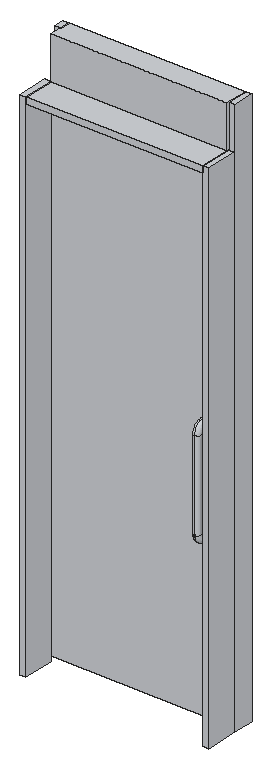
Revit family "Dor_ハンガードア_戸袋ボード納まり", category ドア, Revit 2020
Family settings
  ホスト = 壁
  常に垂直 = はい
  ロード時にボイドで切り取り = はい
  共有 = いいえ
  部屋計算ポイント = いいえ
Parameters (values of type "ハンガードア_戸袋ボード納まり")
  開口逃げ位置表示 [instance] = no
  金物_施錠方式(外) = ""
  金物_施錠方式(内) = ""
  金物_支持金物 = ""
  金物_操作金物 = ""
  金物_戸当り = ""
  金物_固定金物 = ""
  金物_フランス落し = ""
  金物_クローザー = ""
  逃げ_左 = 60 mm
  逃げ_右 = 60 mm
  解析用性能 = "<なし>"
  符号_建具記号 = ""
  符号_建具番号 = ""
  法_随時閉鎖 = yes
  法_防火性能 = ""
  法_遮煙 = no
  法_常時閉鎖 = yes
  枠見付上_外側 = 200 mm
  枠見付上_内側 = 25 mm
  有効W = 600 mm
  文字_ガラス厚 = ""
  引き残し = 120 mm
  マテリアル_ハンドル = none
  ボード厚 [instance] = 25 mm
  ドアパネルタイプ = DP_フラッシュ : フラッシュ
  スリット/小窓位置：戸先 [instance] = yes
  クリアランス_戸尻枠 = 30 mm
  クリアランス_壁パネル間 = 10 mm
  開口W = 有効W + 引き残し  # 720 mm
  ガラス厚 = 6 mm
  calc_沓摺幅 = パネル幅1 + calc_戸尻位置 + クリアランス_戸尻枠  # 1380 mm
  次による断熱プロパティの定義 = スキーマティック タイプ
  文字_額縁材質 = ""
  文字_額縁仕上 = ""
  文字_沓摺材質 = ""
  文字_沓摺仕上 = ""
  文字_枠材質 = ""
  文字_枠仕上 = ""
  文字_建具材質 = ""
  文字_建具仕上 = ""
  文字_取付場所 = ""
  文字_備考 = ""
  文字_パネル厚 = ""
  文字_ガラリ材質 = ""
  文字_ガラリ仕上 = ""
  文字_ガラス材質 = ""
  文字_アンダーカット = ""
  性能_遮音 = ""
  性能_気密 = ""
  形状_沓摺形状 = ""
  形状_枠形状 = ""
  形状_建具形式 = ""
  形状_ガラリ形状 = ""
  calc_戸袋見込 = パネル厚 + 14 mm + LOCK  # 50 mm
  calc_戸尻位置 = パネル幅1 - 引き残し  # 615 mm
  calc_壁芯ずれ [instance] = オフセット_内側 / 2 + LOCK  # 25 mm
  ラベル_遮煙 = if(法_遮煙, "S", " ")  # " "
  ラベル_法囲み = if(法_常時閉鎖, "□", if(法_随時閉鎖, "〇", " "))  # "□"
  マテリアル_沓摺 = none
  マテリアル_枠 = none
  マテリアル_パネル = none
  マテリアル_ガラリ = none
  マテリアル_ガラス = ガラス - 透明
  パネル幅2 = 0 mm  # constant formula
  パネル幅1 = 有効W + 引き残し + 15 mm  # 735 mm
  引棒表示 [instance] = yes
  Keynote = ""
  オフセット_内側 [instance] = 50 mm
  calc_全幅 = W寸法 + クリアランス_戸尻枠  # 1390 mm
  calc_パネル中心_幅 = (パネル幅1 - 開口W) / 2  # 7.5 mm
  calc_パネル中心_厚 [instance] = ボード厚 + LGS厚 / 2 + 枠ちり外 + LOCK  # 67.5 mm
  W寸法 = 有効W * 2 + 引き残し + 40 mm  # 1360 mm
  LOCK = 0 mm  # constant formula
  Function = (empty or 0)
  Description = ""
  Rough Width = 0 mm
  高さ = H寸法 + LOCK  # 2100 mm
  枠見付 = 25 mm
  枠ちり外 = 10 mm
  枠ちり内 = 10 mm
  引手_高さ = 900 mm
  引手_オフセット = 80 mm
  戸当見込 = 50 mm
  戸当見付 = 15 mm
  Construction Type = ""
  Wall Closure = (empty or 0)
  幅 = W寸法 + LOCK  # 1360 mm
  Rough Height = 0 mm
  パネル高 = 高さ - アンダーカット  # 2085 mm
  パネル幅 = パネル幅1 + LOCK  # 735 mm
  パネル厚 = 36 mm
  アンダーカット = 15 mm
  LGS厚 [instance] = 65 mm
  H寸法 = 2100 mm
Reference planes
  plane 1: y = 0.417
  plane 2 "中心(左/右)": x = 40
  plane 3 "EXT.": y = 75.417
  plane 4 "内壁": y = -74.583
  plane 5 "左": x = -320
  plane 6 "右": x = 400
  plane 7 "上側": z = 2100
  plane 8: z = 0
  plane 9 "枠ちり外": y = 85.417
  plane 10 "枠外側左": x = -345
  plane 11 "枠外側右": x = 425
  plane 12 "枠見付_上": z = 2300
  plane 13: z = 15
  plane 14 "オフセット": y = -124.583
  plane 15 "枠ちり内": y = -134.583
  plane 16: y = 65.417
  plane 17: x = -350
  plane 18: x = 430
  plane 19: y = 65.417
  plane 20: y = -114.583
  plane 21: y = -129.583
  plane 22 "パネル中心": y = 17.917
  plane 23: z = 900
  plane 24 "ボード厚": y = 50.417
  plane 25: x = -960
  plane 26: x = -990
  plane 27: x = -1015
  plane 28: z = 2125
  plane 29 "パネル幅中心": x = 32.5
  plane 30 "引手位置": x = 320
  plane 31 "沓摺中心": x = -295
  plane 32: y = 65
  plane 33: z = 1050
  plane 34 "LGS厚": y = -14.583
  plane 35 "戸袋内側": y = -7.083
  plane 36 "戸袋外側": y = 42.917
  plane 37: y = 35.917
  plane 38: y = -0.083
  plane 39: z = 2127
  plane 40: z = 2303
  plane 41: y = -0.083
  plane 42: y = 35.917
  plane 43 "壁芯": y = -59.583
  plane 44: y = -27.083
  plane 45: y = -27.083
  plane 46 "引残し": x = -200
Forms (mm)
  Extrusion 1, void
    sketch origin (0, 0, 0) x (1, 0, 0) y (0, 1, 0)
      loop
        line (-345, -124.583) -> (425, -124.583) -> (425, 50.417) -> (-345, 50.417) -> (-345, -124.583)
    from 0 to 2125
  Extrusion 2, void
    sketch origin (0, 0, 0) x (1, 0, 0) y (0, 1, 0)
      loop
        line (-345, 75.417) -> (-345, 42.917) -> (425, 42.917) -> (425, 75.417) -> (-345, 75.417)
    from 0 to 2300
  Extrusion 3, solid, material <- "マテリアル_枠"
    sketch origin (0, 0, 0) x (1, 0, 0) y (0, 1, 0)
      loop
        line (-320, 85.417) -> (-320, -7.083) -> (400, -7.083) -> (400, 85.417) -> (-320, 85.417)
    from 2100 to 2300
  Extrusion 4, solid, material <- "マテリアル_枠"
    sketch origin (0, 0, 0) x (1, 0, 0) y (0, 1, 0)
      loop
        line (-320, -134.583) -> (400, -134.583) -> (400, 42.917) -> (-320, 42.917) -> (-320, -134.583)
    from 2100 to 2125
  Extrusion 5, solid, material <- "マテリアル_枠"
    sketch origin (0, 0, 0) x (1, 0, 0) y (0, 1, 0)
      loop
        line (-345, -134.583) -> (-320, -134.583) -> (-320, -7.083) -> (-345, -7.083) -> (-345, -134.583)
      loop
        line (400, -134.583) -> (425, -134.583) -> (425, -0.083) -> (400, -0.083) -> (400, -134.583)
    from 0 to 2125
  Extrusion 6, solid, material <- "マテリアル_枠"
    sketch origin (0, 0, 0) x (1, 0, 0) y (0, 1, 0)
      loop
        line (-345, 42.917) -> (-320, 42.917) -> (-320, 85.417) -> (-345, 85.417) -> (-345, 42.917)
      loop
        line (400, -0.083) -> (425, -0.083) -> (425, 85.417) -> (400, 85.417) -> (400, -0.083)
    from 0 to 2300
  Extrusion 7, void
    sketch origin (0, 0, 0) x (1, 0, 0) y (0, 1, 0)
      loop
        line (-1015, -14.583) -> (-345, -14.583) -> (-345, 50.417) -> (-1015, 50.417) -> (-1015, -14.583)
    from 0 to 2300
Cuts and joins
  Extrusion 7 cuts Extrusion 5
  Extrusion 7 cuts Extrusion 6
Lines and regions (mm)
  Masking region 1
    outline origin (40, 0, 0) x (0, 1, 0) y (0, 0, 1)
      loop
        line (35.917, 2100) -> (-0.083, 2100) -> (-0.083, 15) -> (35.917, 15) -> (35.917, 2100)
  Masking region 2
    outline origin (40, 0, 0) x (0, 1, 0) y (0, 0, 1)
      loop
        line (-27.083, 2127) -> (-114.583, 2127) -> (-114.583, 2125) -> (-134.583, 2125) -> (-134.583, 2100) -> (-27.083, 2100) -> (-27.083, 2127)
  Masking region 3, detail levels medium+fine
    outline origin (0, 0, 0) x (1, 0, 0) y (0, 1, 0)
      loop
        line (-345, -7.083) -> (-345, -134.583) -> (-320, -134.583) -> (-320, -7.083) -> (-345, -7.083)
      loop
        line (425, -134.583) -> (425, 85.417) -> (400, 85.417) -> (400, -134.583) -> (425, -134.583)
      loop
        line (-1015, -14.583) -> (-990, -14.583) -> (-990, 50.417) -> (-1015, 50.417) -> (-1015, -14.583)
      loop
        line (-345, 85.417) -> (-345, 42.917) -> (-320, 42.917) -> (-320, 85.417) -> (-345, 85.417)
  Masking region 4, detail levels coarse
    outline origin (0, 0, 0) x (1, 0, 0) y (0, 1, 0)
      loop
        line (-350, -14.583) -> (-350, -124.583) -> (-320, -124.583) -> (-320, -14.583) -> (-350, -14.583)
      loop
        line (430, 75.417) -> (400, 75.417) -> (400, -124.583) -> (430, -124.583) -> (430, 75.417)
      loop
        line (-350, 50.417) -> (-320, 50.417) -> (-320, 75.417) -> (-350, 75.417) -> (-350, 50.417)
      loop
        line (-990, 50.417) -> (-990, 55.417) -> (-1020, 55.417) -> (-1020, -19.583) -> (-990, -19.583) -> (-990, -14.583) -> (-990, 50.417)
  Masking region 5, detail levels coarse
    outline origin (0, 0, 0) x (1, 0, 0) y (0, 1, 0)
      loop
        line (-990, -14.583) -> (-345, -14.583) -> (-320, -14.583) -> (-320, 50.417) -> (-345, 50.417) -> (-990, 50.417) -> (-990, -14.583)
  Masking region 6
    outline origin (40, 0, 0) x (0, 1, 0) y (0, 0, 1)
      loop
        line (-27.083, 2100) -> (85.417, 2100) -> (85.417, 2300) -> (-27.083, 2300) -> (-27.083, 2100)
  symbolic lines
    curve 1: line (40, 135.417, 0) -> (40, -184.583, 0)
Text (mm)
  text "EXT." at (-2295.016, 1099.543, 0), in view "基準レベル"
  text "外部" at (0, 1615.38, 3698.081), in view "左"
  text "外部" at (0, 1036.032, 3874.932), in view "右"
  text "内部" at (0, -1175.082, 3874.932), in view "右"
  text "内部" at (-2295.016, -1087.353, 0), in view "基準レベル"
Dimensions and locks
  equal spacing: plane 5 "左", plane 2 "中心(左/右)", plane 6 "右"
  locked: plane 3 "EXT." to host wall
  locked: plane 4 "内壁" to host wall
  "開口W": plane 5 "左" to plane 6 "右"
  "H寸法": plane 8 to plane 7 "上側"
  "枠ちり外": plane 3 "EXT." to plane 9 "枠ちり外"
  "枠ちり内": plane 14 "オフセット" to plane 15 "枠ちり内"
  "アンダーカット": plane 13 to plane 8
  locked: plane 3 "EXT." to plane 16 at 10
  locked: curve 1 to plane 9 "枠ちり外" at 50
  locked: plane 15 "枠ちり内" to curve 1 at 50
  plane 4 "内壁" to plane 3 "EXT." = 150 mm
  locked: plane 17 to plane 10 "枠外側左" at 5
  locked: plane 11 "枠外側右" to plane 18 at 5
  locked: plane 19 to plane 3 "EXT." at 10
  locked: plane 20 to plane 14 "オフセット" at 10
  locked: plane 14 "オフセット" to plane 21 at 5
  "calc_パネル中心_厚": plane 9 "枠ちり外" to plane 22 "パネル中心"
  "引手_高さ": plane 23 to level
  "枠見付": plane 6 "右" to plane 11 "枠外側右"
  "枠見付": plane 10 "枠外側左" to plane 5 "左"
  plane 7 "上側" to plane 12 "枠見付_上" = 200 mm
  "クリアランス_戸尻枠": plane 26 to plane 25
  "枠見付": plane 27 to plane 26
  "枠見付上_外側": plane 12 "枠見付_上" to plane 7 "上側"
  "枠見付上_内側": plane 28 to plane 7 "上側"
  "calc_パネル中心_幅": plane 29 "パネル幅中心" to plane 2 "中心(左/右)"
  equal spacing: plane 26, plane 31 "沓摺中心", plane 6 "右"
  "引手_オフセット": plane 30 "引手位置" to plane 6 "右"
  plane 32 to plane 3 "EXT." = 10.417 mm
  equal spacing: plane 8, plane 33, plane 7 "上側"
  "ボード厚": plane 24 "ボード厚" to plane 3 "EXT."
  "LGS厚": plane 24 "ボード厚" to plane 34 "LGS厚"
  equal spacing: plane 36 "戸袋外側", plane 22 "パネル中心", plane 35 "戸袋内側"
  equal spacing: plane 37, plane 22 "パネル中心", plane 38
  "パネル厚": plane 37 to plane 38
  plane 28 to plane 39 = 2 mm
  "オフセット_内側": plane 4 "内壁" to plane 14 "オフセット"
  equal spacing: plane 42, plane 22 "パネル中心", plane 41
  "パネル厚": plane 42 to plane 41
  locked: plane 34 "LGS厚" to plane 43 "壁芯" at 45
  locked: Masking region 4 sketch curve to plane 27 at 5
  locked: Masking region 4 sketch curve to plane 24 "ボード厚" at 5
  locked: plane 34 "LGS厚" to Masking region 4 sketch curve at 5
  plane 34 "LGS厚" to plane 44 = 12.5 mm
  locked: plane 34 "LGS厚" to plane 45 at 12.5
  "W寸法": plane 25 to plane 6 "右"
  "calc_戸袋見込": plane 35 "戸袋内側" to plane 36 "戸袋外側"
  "引き残し": plane 5 "左" to plane 46 "引残し"
  aligned and locked: plane 1 to host wall
  aligned and locked: level to plane 8
  aligned and locked: Extrusion 2 sketch curve to host wall
  aligned and locked: plane 10 "枠外側左" to Extrusion 2 sketch curve
  aligned and locked: plane 11 "枠外側右" to Extrusion 2 sketch curve
  aligned and locked: plane 12 "枠見付_上" to Extrusion 2
  aligned and locked: Extrusion 1 to plane 14 "オフセット"
  aligned and locked: Masking region 2 sketch curve to plane 15 "枠ちり内"
  aligned and locked: Masking region 4 sketch curve to plane 17  (x2)
  aligned and locked: plane 6 "右" to Masking region 4 sketch curve
  aligned and locked: Masking region 4 sketch curve to plane 18
  aligned and locked: plane 14 "オフセット" to Masking region 4 sketch curve
  aligned and locked: Masking region 4 sketch curve to plane 14 "オフセット"
  aligned and locked: plane 6 "右" to Masking region 3 sketch curve
  aligned and locked: plane 9 "枠ちり外" to Masking region 3 sketch curve
  aligned and locked: plane 5 "左" to Masking region 3 sketch curve  (x2)
  aligned and locked: Extrusion 3 sketch curve to plane 6 "右"
  aligned and locked: Extrusion 4 sketch curve to plane 15 "枠ちり内"
  aligned and locked: plane 5 "左" to Extrusion 4 sketch curve
  aligned and locked: Extrusion 4 sketch curve to plane 6 "右"
  aligned and locked: plane 12 "枠見付_上" to Extrusion 3
  aligned and locked: plane 7 "上側" to Extrusion 3
  aligned and locked: Extrusion 1 to plane 28
  aligned and locked: plane 24 "ボード厚" to Extrusion 1 sketch curve
  aligned and locked: Extrusion 5 sketch curve to plane 15 "枠ちり内"  (x2)
  aligned and locked: Extrusion 5 sketch curve to plane 5 "左"
  aligned and locked: Extrusion 5 sketch curve to plane 10 "枠外側左"
  aligned and locked: plane 6 "右" to Extrusion 5 sketch curve
  aligned and locked: Extrusion 5 sketch curve to plane 11 "枠外側右"
  aligned and locked: Extrusion 5 to plane 28
  aligned and locked: Extrusion 4 to plane 28
  aligned and locked: plane 7 "上側" to Extrusion 4
  aligned and locked: plane 29 "パネル幅中心" to nested 1
  aligned and locked: plane 2 "中心(左/右)" to nested 3
  aligned and locked: plane 33 to nested 3
  aligned and locked: nested 2 to plane 22 "パネル中心"
  aligned and locked: plane 35 "戸袋内側" to Masking region 3 sketch curve
  aligned and locked: Extrusion 5 sketch curve to plane 35 "戸袋内側"
  aligned and locked: Masking region 4 sketch curve to plane 3 "EXT."
  aligned and locked: Masking region 4 sketch curve to plane 5 "左"
  aligned and locked: nested 1 to plane 22 "パネル中心"
  aligned and locked: Masking region 3 sketch curve to plane 27
  aligned and locked: plane 26 to Masking region 3 sketch curve
  aligned and locked: plane 24 "ボード厚" to Masking region 3 sketch curve
  aligned and locked: Masking region 3 sketch curve to plane 34 "LGS厚"
  aligned and locked: plane 10 "枠外側左" to Masking region 3 sketch curve
  aligned and locked: Masking region 3 sketch curve to plane 36 "戸袋外側"
  aligned and locked: Masking region 3 sketch curve to plane 9 "枠ちり外"
  aligned and locked: plane 24 "ボード厚" to Masking region 5 sketch curve  (x2)
  aligned and locked: Masking region 5 sketch curve to plane 34 "LGS厚"  (x2)
  aligned and locked: Masking region 5 sketch curve to plane 26
  aligned and locked: Masking region 5 sketch curve to plane 5 "左"
  aligned and locked: plane 10 "枠外側左" to Masking region 5 sketch curve  (x2)
  aligned and locked: Masking region 4 sketch curve to plane 34 "LGS厚"
  aligned and locked: Masking region 4 sketch curve to plane 24 "ボード厚"
  aligned and locked: Extrusion 3 sketch curve to plane 9 "枠ちり外"
  aligned and locked: Extrusion 3 sketch curve to plane 5 "左"
  aligned and locked: Extrusion 2 sketch curve to plane 36 "戸袋外側"
  aligned and locked: plane 7 "上側" to Masking region 2 sketch curve  (x2)
  aligned and locked: Masking region 2 sketch curve to plane 28
  aligned and locked: Extrusion 4 sketch curve to plane 36 "戸袋外側"
  aligned and locked: plane 7 "上側" to Masking region 1 sketch curve
  aligned and locked: Masking region 1 to nested 2
  aligned and locked: Masking region 1 sketch curve to plane 38
  aligned and locked: Masking region 1 sketch curve to plane 37
  aligned and locked: plane 39 to Masking region 2 sketch curve  (x2)
  aligned and locked: Masking region 2 sketch curve to plane 20
  aligned and locked: plane 20 to Masking region 2 sketch curve
  aligned and locked: plane 9 "枠ちり外" to Extrusion 6 sketch curve  (x2)
  aligned and locked: plane 6 "右" to Extrusion 6 sketch curve
  aligned and locked: Extrusion 6 sketch curve to plane 11 "枠外側右"
  aligned and locked: Extrusion 6 sketch curve to plane 5 "左"
  aligned and locked: Extrusion 6 sketch curve to plane 10 "枠外側左"
  aligned and locked: plane 36 "戸袋外側" to Extrusion 6 sketch curve
  aligned and locked: plane 12 "枠見付_上" to Extrusion 6
  aligned and locked: Extrusion 3 sketch curve to plane 35 "戸袋内側"
  aligned and locked: Extrusion 6 sketch curve to plane 41
  aligned and locked: plane 41 to Extrusion 5 sketch curve
  aligned and locked: Extrusion 7 sketch curve to plane 27
  aligned and locked: Extrusion 7 sketch curve to plane 34 "LGS厚"
  aligned and locked: plane 24 "ボード厚" to Extrusion 7 sketch curve
  aligned and locked: plane 10 "枠外側左" to Extrusion 7 sketch curve
  aligned and locked: Extrusion 7 to plane 12 "枠見付_上"
  aligned and locked: curve 1 to plane 2 "中心(左/右)"
  aligned and locked: Masking region 4 sketch curve to plane 26
  aligned and locked: plane 31 "沓摺中心" to nested 4
  aligned and locked: nested 4 to plane 22 "パネル中心"
  aligned and locked: plane 30 "引手位置" to nested 5
  aligned and locked: nested 5 to plane 22 "パネル中心"
  aligned and locked: plane 44 to Masking region 2 sketch curve
  aligned and locked: plane 9 "枠ちり外" to Masking region 6 sketch curve
  aligned and locked: plane 12 "枠見付_上" to Masking region 6 sketch curve
  aligned and locked: Masking region 6 sketch curve to plane 45
  aligned and locked: plane 29 "パネル幅中心" to nested 2
Automatic sketch dimensions
  Extrusion 1 sketch curve to plane 10 "枠外側左" = 0 mm
  Extrusion 1 sketch curve to plane 11 "枠外側右" = 0 mm
  Extrusion 1 sketch curve to plane 14 "オフセット" = 0 mm
  Masking region 1 sketch curve to plane 13 = 0 mm
  Masking region 3 sketch curve to plane 10 "枠外側左" = 0 mm
  Masking region 3 sketch curve to plane 11 "枠外側右" = 0 mm
  Masking region 3 sketch curve to plane 15 "枠ちり内" = 0 mm  (x2)
  Masking region 4 sketch curve to plane 5 "左" = 0 mm
  Masking region 4 sketch curve to plane 34 "LGS厚" = 0 mm
  Masking region 4 sketch curve to plane 24 "ボード厚" = 0 mm
  Masking region 4 sketch curve to host wall = 0 mm
  plane 7 "上側" to Masking region 6 sketch curve = 0 mm
Nested families
  nested 1: "平面_引き戸" at (32.5, 17.917, 0), type "平面_引き戸"
    with 幅 735 mm, パネル幅 735 mm, パネル厚 36 mm
  nested 2: "DP_フラッシュ" at (32.5, 17.917, 0), マテリアル_パネル <- "マテリアル_パネル", 幅 <- "パネル幅1", 高さ <- "パネル高", Thickness <- "パネル厚", type <- "ドアパネルタイプ", アンダーカット <- "アンダーカット", マテリアル_ガラス <- "マテリアル_ガラス", マテリアル_ガラリ <- "マテリアル_ガラリ", スリット/小窓位置：戸先 <- "スリット/小窓位置：戸先", ガラス厚 <- "ガラス厚", type "フラッシュ"
    with 高さ 2085 mm, 幅 735 mm, built-in parameter 1001302 36 mm, マテリアル_パネル none, マテリアル_ガラリ none, マテリアル_ガラス ガラス - 透明, スリット/小窓位置：戸先 yes, ガラス厚 6 mm, アンダーカット 15 mm
  nested 3: "立面_スイング_引き戸" at (40, 75.417, 1050) x (1, 0, 0) z (0, -1, 0), type "立面_スイング_引き戸"
    with 幅 250 mm
  nested 4: "平面_逃げ位置" at (-295, 17.917, 0), 幅 <- "calc_全幅", 逃げ_右 <- "逃げ_右", 逃げ_左 <- "逃げ_左", visible <- "開口逃げ位置表示", type "平面_逃げ位置"
    with 逃げ_左 60 mm, 逃げ_右 60 mm, 幅 1390 mm
  nested 5: "Ha_引棒" at (320, 17.917, 900), built-in parameter 1001364 <- "引手_高さ", type "Ha_引棒"
Definition of nested family "DP_フラッシュ"
  Parameters (values of type "フラッシュ")
    Height [instance] = 1995 mm
    Analytic Construction = "<なし>"
    Define Thermal Properties by = 1
    マテリアル_パネル [instance] = none
    Thickness [instance] = 40 mm
    Width [instance] = 800 mm
    マテリアル_ガラリ [instance] = none
    マテリアル_ガラス [instance] = none
    スリット/小窓位置：戸先 [instance] = yes
    ガラス厚 [instance] = 0 mm
    アンダーカット [instance] = 5 mm
  Reference planes
    plane 1 "中心(正面/背面)": y = 0
    plane 2 "下": z = 0
    plane 3 "中心(左/右)": x = 0
    plane 4 "右": x = 400
    plane 5 "左": x = -400
    plane 6 "前面": y = 20
    plane 7 "背面": y = -20
    plane 8 "上": z = 2000
    plane 9: z = 5
  Forms (mm)
    Extrusion 1, solid, material <- "マテリアル_パネル"
      sketch origin (0, 0, 0) x (1, 0, 0) y (0, 0, 1)
        loop
          line (-400, 2000) -> (-400, 5) -> (400, 5) -> (400, 2000) -> (-400, 2000)
      from -20 to 20
  Dimensions and locks
    equal spacing: plane 5 "左", plane 3 "中心(左/右)", plane 4 "右"
    "Width": plane 5 "左" to plane 4 "右"
    equal spacing: plane 6 "前面", plane 1 "中心(正面/背面)", plane 7 "背面"
    "Thickness": plane 6 "前面" to plane 7 "背面"
    "アンダーカット": plane 9 to plane 2 "下"
    "Height": plane 8 "上" to plane 9
    aligned and locked: level to plane 2 "下"
    aligned and locked: Extrusion 1 sketch curve to plane 8 "上"
    aligned and locked: plane 5 "左" to Extrusion 1 sketch curve
    aligned and locked: Extrusion 1 sketch curve to plane 4 "右"
    aligned and locked: plane 6 "前面" to Extrusion 1
    aligned and locked: Extrusion 1 to plane 7 "背面"
    aligned and locked: plane 9 to Extrusion 1 sketch curve
Definition of nested family "Ha_引棒"
  Parameters (values of type "Ha_引棒")
    Height = 425 mm
    Analytic Construction = "<なし>"
    Define Thermal Properties by = 1
    Default Elevation = 0 mm
    パネル厚 = 36 mm
    ハンドル材質 = none
  Reference planes
    plane 1 "中心(正面/背面)": y = 0
    plane 2: z = 0
    plane 3 "中心(左/右)": x = 0
    plane 4: y = 18
    plane 5: y = -18
    plane 6: z = 212.5
    plane 7: z = -212.5
    plane 8: y = -78
    plane 9: y = 78
  Forms (mm)
    Sweep 1, solid, material <- "ハンドル材質"
      path origin (0, 0, 0) x (0, 1, 0) y (0, 0, 1)
        loop
          line (-18, 212.5) -> (-48, 212.5)
          arc (-48, 212.5) -> (-69.213, 203.713) -> (-78, 182.5) r 30
          line (-78, 182.5) -> (-78, -182.5)
          arc (-78, -182.5) -> (-69.213, -203.713) -> (-48, -212.5) r 30
          line (-48, -212.5) -> (-18, -212.5)
      profile origin (0, -33, 212.5) x (0, 0, -1) y (1, 0, 0)
        loop
          circle (0, 0) r 13.5
    Sweep 2, solid, material <- "ハンドル材質"
      path origin (0, 0, 0) x (0, -1, 0) y (0, 0, 1)
        loop
          line (-18, 212.5) -> (-48, 212.5)
          arc (-48, 212.5) -> (-69.213, 203.713) -> (-78, 182.5) r 30
          line (-78, 182.5) -> (-78, -182.5)
          arc (-78, -182.5) -> (-69.213, -203.713) -> (-48, -212.5) r 30
          line (-48, -212.5) -> (-18, -212.5)
      profile origin (0, 33, 212.5) x (0, 0, 1) y (1, 0, 0)
        loop
          circle (0, 0) r 13.5
  Lines and regions (mm)
    Masking region 1
      outline origin (0, 0, 0) x (1, 0, 0) y (0, 0, 1)
        loop
          line (-13.5, 212.5) -> (-13.5, -212.5)
          arc (-13.5, -212.5) -> (0, -226) -> (13.5, -212.5) r 13.5
          line (13.5, -212.5) -> (13.5, 212.5)
          arc (13.5, 212.5) -> (0, 226) -> (-13.5, 212.5) r 13.5
  Dimensions and locks
    "パネル厚": plane 4 to plane 5
    equal spacing: plane 4, plane 1 "中心(正面/背面)", plane 5
    equal spacing: plane 6, plane 2, plane 7
    "Height": plane 6 to plane 7
    plane 9 to plane 4 = 60 mm
    plane 8 to plane 5 = 60 mm
    aligned and locked: level to plane 2
    aligned and locked: plane 5 to Sweep 1 sketch curve  (x2)
    aligned and locked: Sweep 1 sketch curve to plane 8
    aligned and locked: plane 9 to Sweep 2 sketch curve
    aligned and locked: Sweep 2 sketch curve to plane 7
    aligned and locked: plane 6 to Sweep 2 sketch curve
    aligned and locked: plane 4 to Sweep 2 sketch curve  (x2)
    aligned and locked: plane 6 to Masking region 1 sketch curve  (x2)
    aligned and locked: plane 7 to Masking region 1 sketch curve  (x2)
  Automatic sketch dimensions
    Sweep 1 sketch curve to plane 7 = 0 mm
    Sweep 1 sketch curve to plane 6 = 0 mm
    Sweep 1 sketch curve to plane 5 = 30 mm  (x2)
    Sweep 1 sketch curve to plane 3 "中心(左/右)" = 0 mm
    Sweep 1 sketch curve to profile plane = 0 mm
    Sweep 2 sketch curve to Sweep 2 sketch curve = 30 mm  (x2)
    Sweep 2 sketch curve to plane 3 "中心(左/右)" = 0 mm
    Sweep 2 sketch curve to profile plane = 0 mm
    Masking region 1 sketch curve to plane 3 "中心(左/右)" = 0 mm
    Masking region 1 sketch curve to plane 3 "中心(左/右)" = 13.5 mm
    radius of Sweep 1 sketch curve = 13.5 mm
    radius of Sweep 2 sketch curve = 13.5 mm
Definition of nested family "平面_引き戸"
  Parameters (values of type "平面_引き戸")
    引き残し = 120 mm
    幅 = 825 mm
    パネル幅 = 幅  # 825 mm
    パネル厚 = 45 mm
  Reference planes
    plane 1 "中心(正面/背面)": y = 0
    plane 2: z = 0
    plane 3 "中心(左/右)": x = 0
    plane 4: x = -412.5
    plane 5: x = 412.5
    plane 6 "内側": y = -22.5
    plane 7 "外側": y = 22.5
    plane 8: x = -292.5
    plane 9: x = -1117.5
  Lines and regions (mm)
    Masking region 1, in view "基準レベル", detail levels medium+fine
      outline origin (0, 0, 0) x (1, 0, 0) y (0, 1, 0)
        loop
          line (-412.5, -22.5) -> (412.5, -22.5) -> (412.5, 22.5) -> (-412.5, 22.5) -> (-412.5, -22.5)
    detail lines, in view "基準レベル", detail levels medium+fine
      curve 1: line (-412.5, -22.5, 0) -> (-1117.5, -22.5, 0)
      curve 2: line (-1117.5, -22.5, 0) -> (-1117.5, 22.5, 0)
      curve 3: line (-1117.5, 22.5, 0) -> (-412.5, 22.5, 0)
    detail lines, in view "基準レベル", detail levels coarse
      curve 4: line (412.5, 0, 0) -> (-412.5, 0, 0)
      curve 5: line (-1117.5, 0, 0) -> (-412.5, 0, 0)
  Dimensions and locks
    equal spacing: plane 4, plane 3 "中心(左/右)", plane 5
    "幅": plane 4 to plane 5
    "パネル厚": plane 7 "外側" to plane 6 "内側"
    equal spacing: plane 7 "外側", plane 1 "中心(正面/背面)", plane 6 "内側"
    "引き残し": plane 4 to plane 8
    "幅": plane 9 to plane 8
    aligned and locked: Masking region 1 sketch curve to plane 6 "内側"
    aligned and locked: Masking region 1 sketch curve to plane 4
    aligned and locked: plane 5 to Masking region 1 sketch curve
    aligned and locked: plane 7 "外側" to Masking region 1 sketch curve
    aligned and locked: plane 5 to curve 4
    aligned and locked: curve 3 to plane 7 "外側"
    aligned and locked: plane 9 to curve 2
    aligned and locked: Masking region 1 to plane 4
    aligned and locked: plane 6 "内側" to curve 1
    aligned and locked: Masking region 1 to plane 6 "内側"
    aligned and locked: plane 5 to Masking region 1
    aligned and locked: plane 4 to curve 4
    aligned and locked: plane 9 to curve 5
    aligned and locked: plane 1 "中心(正面/背面)" to curve 5
    aligned and locked: curve 4 to plane 1 "中心(正面/背面)"
  Automatic sketch dimensions
    curve 3 to plane 4 = 0 mm
    curve 1 to plane 4 = 0 mm
Definition of nested family "立面_スイング_引き戸"
  Parameters (values of type "立面_スイング_引き戸")
    幅 [instance] = 250 mm
  Reference planes
    plane 1 "中心(正面/背面)": y = 0
    plane 2: z = 0
    plane 3 "中心(左/右)": x = 0
    plane 4: x = -125
    plane 5: x = 125
  Lines and regions (mm)
    detail lines, in view "基準レベル"
      curve 1: line (125, 0, 0) -> (-125, 0, 0)
      curve 2: line (-125, 0, 0) -> (-55.718, 40, 0)
  Dimensions and locks
    equal spacing: plane 4, plane 3 "中心(左/右)", plane 5
    "幅": plane 4 to plane 5
    angle curve 1 to curve 2 = 30.00°
    aligned and locked: plane 4 to curve 1
    aligned and locked: plane 5 to curve 1
  Automatic sketch dimensions
    plane 1 "中心(正面/背面)" to curve 1 = 0 mm
Definition of nested family "平面_逃げ位置"
  Parameters (values of type "平面_逃げ位置")
    逃げ_左 [instance] = 40 mm
    逃げ_右 [instance] = 40 mm
    幅 [instance] = 1000 mm
  Reference planes
    plane 1 "中心(正面/背面)": y = 0
    plane 2: z = 0
    plane 3 "中心(左/右)": x = 0
    plane 4: x = -500
    plane 5: x = 500
    plane 6: x = 540
    plane 7: x = -540
    plane 8: y = -30
    plane 9: y = 30
  Lines and regions (mm)
    detail lines, in view "基準レベル"
      curve 1: line (-540, 30, 0) -> (-540, -30, 0)
      curve 2: line (540, 30, 0) -> (540, -30, 0)
  Dimensions and locks
    equal spacing: plane 4, plane 3 "中心(左/右)", plane 5
    "幅": plane 4 to plane 5
    plane 9 to plane 8 = 60 mm
    equal spacing: plane 9, plane 1 "中心(正面/背面)", plane 8
    "逃げ_左": plane 7 to plane 4
    "逃げ_右": plane 5 to plane 6
    aligned and locked: curve 1 to plane 7
    aligned and locked: plane 6 to curve 2
    aligned and locked: plane 9 to curve 2
  Automatic sketch dimensions
    curve 1 to plane 8 = 0 mm
    curve 2 to plane 8 = 0 mm
    curve 1 to plane 9 = 0 mm
